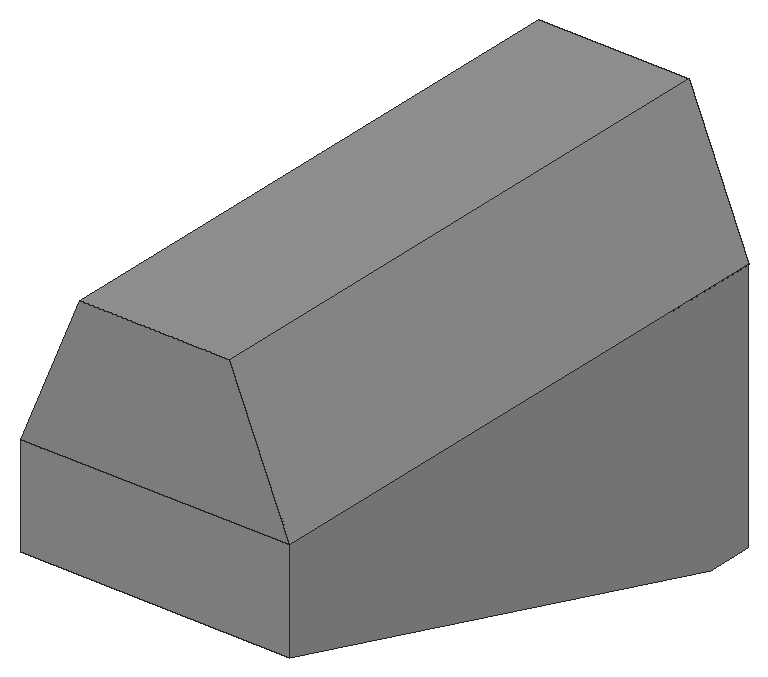
Revit family "НЕВАТОМ_Кожух защиты электродвигателя ВР 86-77 (Исп. 2), Версия 1", category Оборудование, Revit 2017
Family settings
  Размер круглого соединителя = Использовать диаметр
  Тип детали = Нормальный
  На основе рабочей плоскости = Нет
  Всегда вертикально = Да
  При загрузке вырезать с полостями = Нет
  Общий = Нет
  Точка расчета площади = Нет
Parameters (values of type "Кожух защиты электродвигателя ВР-86-77 (Исполнение 2)")
  Номер вентилятора = ""
  Материал = Сталь оцинкованная
  Кожух = "НЕВАТОМ_Кожух защиты электродвигателя ВР 86-77, Исполнение 2"  # constant formula
  Исполнение = ""
  t = 1 mm
  VR = 2.5
  T2 = A - 2 mm  # 96 mm
  T1 = B - 2 mm  # 174 mm
  Ln = L - 2 mm  # 372 mm
  Lm = size_lookup(Кожух, "Lm", 31 mm, VR)  # 31 mm
  L = size_lookup(Кожух, "L", 305 mm, VR)  # 374 mm
  Hm = size_lookup(Кожух, "Hm", -94 mm, VR)  # -94.86 mm
  H = size_lookup(Кожух, "H", 215 mm, VR)  # 175 mm
  B = size_lookup(Кожух, "b", 179 mm, VR)  # 176 mm
  ADSK_Примечание = ""
  ADSK_Позиция = ""
  ADSK_Обозначение = ""
  ADSK_Наименование = size_lookup(Кожух, "", "Кожух защиты электродвигателя ВР-86-77-2.5", VR)  # "Кожух защиты электродвигателя ВР-86-77-2.5 (Исп. 2)"
  ADSK_Масса = 0
  ADSK_Марка = ""
  ADSK_Код изделия = ""
  ADSK_Завод-изготовитель = "НЕВАТОМ"
  ADSK_Единица измерения = "шт."
  A = 98 mm
Reference planes
  plane 1 "По центру (Вперед/Назад)": y = 0
  plane 2: z = 0
  plane 3 "По центру (Влево/Вправо)": x = 0
  plane 4: y = 187
  plane 5: x = -49
  plane 6: x = 49
  plane 7: y = -187
  plane 8: x = 88
  plane 9: x = -88
  plane 10: y = 187
  plane 11: y = -187
Forms (mm)
  Blend 1, solid, material "Сталь оцинкованная" <- "Материал"
    base sketch origin (0, 0, 0) x (1, 0, 0) y (0, 1, 0)
      loop
        line (-49, -187) -> (49, -187) -> (49, 187) -> (-49, 187) -> (-49, -187)
    top sketch origin (0, 0, 0) x (1, 0, 0) y (0, 1, 0)
      loop
        line (88, -187) -> (88, 187) -> (-88, 187) -> (-88, -187) -> (88, -187)
    from 0 to -94.86 <- "Hm"
  Extrusion 2, solid, material "Сталь оцинкованная" <- "Материал"
    sketch origin (0, 0, 0) x (0, 1, 0) y (0, 0, 1)
      loop
        line (187, -94.86) -> (-187, -94.86) -> (-187, -160.72) -> (156, -260.72) -> (187, -260.72) -> (187, -94.86)
    from -88 to 88
Dimensions and locks
  equal spacing: plane 5, plane 3 "По центру (Влево/Вправо)", plane 6
  "A": plane 5 to plane 6
  equal spacing: plane 4, plane 1 "По центру (Вперед/Назад)", plane 7
  "L": plane 4 to plane 7
  equal spacing: plane 9, plane 3 "По центру (Влево/Вправо)", plane 8
  "B": plane 9 to plane 8
  equal spacing: plane 10, plane 1 "По центру (Вперед/Назад)", plane 11
  "L": plane 10 to plane 11
  Blend 1 to Blend 1 = 39 mm  (x2)
  Blend 1 to Blend 1 = 94.86 mm
  aligned and locked: level to plane 2
  aligned and locked: plane 7 to Blend 1 sketch curve
  aligned and locked: plane 4 to Blend 1 sketch curve
  aligned and locked: plane 6 to Blend 1 sketch curve
  aligned and locked: Blend 1 sketch curve to plane 5
  aligned and locked: plane 10 to Blend 1 sketch curve
  aligned and locked: plane 8 to Blend 1 sketch curve
  aligned and locked: plane 9 to Blend 1 sketch curve
  aligned and locked: plane 11 to Blend 1 sketch curve
  aligned and locked: Extrusion 2 to Blend 1  (x4)
  aligned and locked: Blend 1 to Extrusion 2
Automatic sketch dimensions
  Extrusion 2 sketch curve to Extrusion 2 sketch curve = 31 mm
  Extrusion 2 sketch curve to level = 94.86 mm
  plane 1 "По центру (Вперед/Назад)" to Extrusion 2 sketch curve = 187 mm
  Extrusion 2 sketch curve to plane 1 "По центру (Вперед/Назад)" = 156 mm
  Extrusion 2 sketch curve to Extrusion 2 sketch curve = 65.86 mm
  Extrusion 2 sketch curve to Extrusion 2 sketch curve = 165.86 mm
